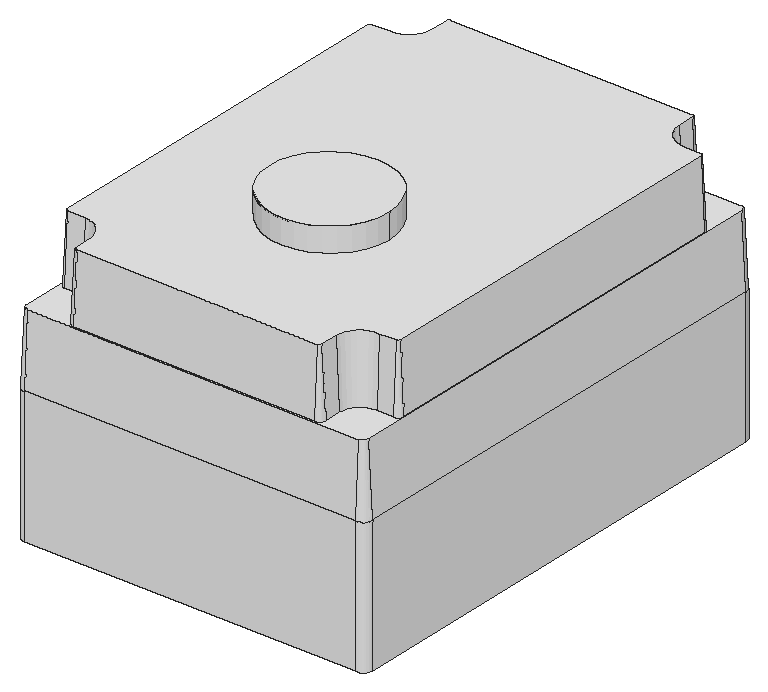
Revit family "Dock-Levelers_OHD_Control-Panel_compact", category Specialty Equipment, host Face, Revit 2023
Family settings
  Host = Face
  Round Connector Dimension = Use Diameter
  Part Type = Normal
  OmniClass Number = 23.50.70.00
  OmniClass Title = Loading Dock Equipment
  Enable Cutting in Views = No
  Cut with Voids When Loaded = No
  Maintain Annotation Orientation = No
  Shared = No
  Room Calculation Point = No
Parameters (values of type "Control Panel")
  Width = 5.122"  # constant formula
  Version = "1.00.01"  # constant formula
  URL = "https://www.overheaddoor.com/"
  Description = "Control Panel for Hydraulic Pit Leveler"
  Length = 7.091"  # constant formula
  Product data url = "https://www.bimobject.com/overhead-door/product/hydraulic-pit-leveler"
  Product Page URL = ""
  Model = "Control Panel"
  Manufacturer = "Overhead Door Corporation"  # constant formula
  Main Material = Metal - White
  Depth = 4.355"  # constant formula
  Default Elevation = 48.000"
  Date Updated = "2026/05/29"  # constant formula
  BimObject_Variable_Connectors = "No"  # constant formula
Reference planes (in)
  plane 1 "Center (Front/Back)": y = 0
  plane 2: z = 0
  plane 3 "Center (Left/Right)": x = 0
  plane 4: x = -2.561
  plane 5: x = 2.561
  plane 6: y = 3.5455
  plane 7: y = -3.5455
  plane 8: z = 4.355
Forms (in)
  Extrusion 1, solid, material "Metal - White" <- "Main Material"
    sketch origin (0, 0, 0) x (1, 0, 0) y (0, 1, 0)
      loop
        line (-2.561, 3.4075) -> (-2.561, -3.4075)
        arc (-2.561, -3.4075) -> (-2.52058, -3.50508) -> (-2.423, -3.5455) r 0.138
        line (-2.423, -3.5455) -> (2.423, -3.5455)
        arc (2.423, -3.5455) -> (2.52058, -3.50508) -> (2.561, -3.4075) r 0.138
        line (2.561, -3.4075) -> (2.561, 3.4075)
        arc (2.561, 3.4075) -> (2.52058, 3.50508) -> (2.423, 3.5455) r 0.138
        line (2.423, 3.5455) -> (-2.423, 3.5455)
        arc (-2.423, 3.5455) -> (-2.52058, 3.50508) -> (-2.561, 3.4075) r 0.138
    from 1.969 to 0
  Blend 2, solid, material "Metal - White" <- "Main Material"
    base sketch origin (0, 0, 0) x (1, 0, 0) y (0, 1, 0)
      loop
        line (-2.561, 3.4075) -> (-2.561, -3.4075)
        arc (-2.561, -3.4075) -> (-2.52058, -3.50508) -> (-2.423, -3.5455) r 0.138
        line (-2.423, -3.5455) -> (2.423, -3.5455)
        arc (2.423, -3.5455) -> (2.52058, -3.50508) -> (2.561, -3.4075) r 0.138
        line (2.561, -3.4075) -> (2.561, 3.4075)
        arc (2.561, 3.4075) -> (2.52058, 3.50508) -> (2.423, 3.5455) r 0.138
        line (2.423, 3.5455) -> (-2.423, 3.5455)
        arc (-2.423, 3.5455) -> (-2.52058, 3.50508) -> (-2.561, 3.4075) r 0.138
    top sketch origin (0, 0, 0) x (1, 0, 0) y (0, 1, 0)
      loop
        arc (-2.506, -3.4075) -> (-2.48169, -3.46619) -> (-2.423, -3.4905) r 0.083
        line (-2.423, -3.4905) -> (2.423, -3.4905)
        arc (2.423, -3.4905) -> (2.48169, -3.46619) -> (2.506, -3.4075) r 0.083
        line (2.506, -3.4075) -> (2.506, 3.4075)
        arc (2.506, 3.4075) -> (2.48169, 3.46619) -> (2.423, 3.4905) r 0.083
        line (2.423, 3.4905) -> (-2.423, 3.4905)
        arc (-2.423, 3.4905) -> (-2.48169, 3.46619) -> (-2.506, 3.4075) r 0.083
        line (-2.506, 3.4075) -> (-2.506, -3.4075)
    from 1.969 to 3.016
  Blend 3, solid, material "Metal - White" <- "Main Material"
    base sketch origin (0, 0, 0) x (1, 0, 0) y (0, 1, 0)
      loop
        line (-2.486, 2.7505) -> (-2.486, -2.7505)
        arc (-2.486, -2.7505) -> (-2.46198, -2.80848) -> (-2.404, -2.8325) r 0.082
        line (-2.404, -2.8325) -> (-2.155, -2.8325)
        arc (-2.155, -2.8325) -> (-1.93792, -2.92242) -> (-1.848, -3.1395) r 0.307
        line (-1.848, -3.1395) -> (-1.848, -3.3885)
        arc (-1.848, -3.3885) -> (-1.82398, -3.44648) -> (-1.766, -3.4705) r 0.082
        line (-1.766, -3.4705) -> (1.766, -3.4705)
        arc (1.766, -3.4705) -> (1.82398, -3.44648) -> (1.848, -3.3885) r 0.082
        line (1.848, -3.3885) -> (1.848, -3.1395)
        arc (1.848, -3.1395) -> (1.93792, -2.92242) -> (2.155, -2.8325) r 0.307
        line (2.155, -2.8325) -> (2.404, -2.8325)
        arc (2.404, -2.8325) -> (2.46198, -2.80848) -> (2.486, -2.7505) r 0.082
        line (2.486, -2.7505) -> (2.486, 2.7505)
        arc (2.486, 2.7505) -> (2.46198, 2.80848) -> (2.404, 2.8325) r 0.082
        line (2.404, 2.8325) -> (2.155, 2.8325)
        arc (2.155, 2.8325) -> (1.93792, 2.92242) -> (1.848, 3.1395) r 0.307
        line (1.848, 3.1395) -> (1.848, 3.3885)
        arc (1.848, 3.3885) -> (1.82398, 3.44648) -> (1.766, 3.4705) r 0.082
        line (1.766, 3.4705) -> (-1.766, 3.4705)
        arc (-1.766, 3.4705) -> (-1.82398, 3.44648) -> (-1.848, 3.3885) r 0.082
        line (-1.848, 3.3885) -> (-1.848, 3.1395)
        arc (-1.848, 3.1395) -> (-1.93792, 2.92242) -> (-2.155, 2.8325) r 0.307
        line (-2.155, 2.8325) -> (-2.404, 2.8325)
        arc (-2.404, 2.8325) -> (-2.46198, 2.80848) -> (-2.486, 2.7505) r 0.082
    top sketch origin (0, 0, 0) x (1, 0, 0) y (0, 1, 0)
      loop
        line (-2.439, 2.7505) -> (-2.439, -2.7505)
        arc (-2.439, -2.7505) -> (-2.42875, -2.77525) -> (-2.404, -2.7855) r 0.035
        line (-2.404, -2.7855) -> (-2.155, -2.7855)
        arc (-2.155, -2.7855) -> (-1.90468, -2.88918) -> (-1.801, -3.1395) r 0.354
        line (-1.801, -3.1395) -> (-1.801, -3.3885)
        arc (-1.801, -3.3885) -> (-1.79075, -3.41325) -> (-1.766, -3.4235) r 0.035
        line (-1.766, -3.4235) -> (1.766, -3.4235)
        arc (1.766, -3.4235) -> (1.79075, -3.41325) -> (1.801, -3.3885) r 0.035
        line (1.801, -3.3885) -> (1.801, -3.1395)
        arc (1.801, -3.1395) -> (1.90468, -2.88918) -> (2.155, -2.7855) r 0.354
        line (2.155, -2.7855) -> (2.404, -2.7855)
        arc (2.404, -2.7855) -> (2.42875, -2.77525) -> (2.439, -2.7505) r 0.035
        line (2.439, -2.7505) -> (2.439, 2.7505)
        arc (2.439, 2.7505) -> (2.42875, 2.77525) -> (2.404, 2.7855) r 0.035
        line (2.404, 2.7855) -> (2.155, 2.7855)
        arc (2.155, 2.7855) -> (1.90468, 2.88918) -> (1.801, 3.1395) r 0.354
        line (1.801, 3.1395) -> (1.801, 3.3885)
        arc (1.801, 3.3885) -> (1.79075, 3.41325) -> (1.766, 3.4235) r 0.035
        line (1.766, 3.4235) -> (-1.766, 3.4235)
        arc (-1.766, 3.4235) -> (-1.79075, 3.41325) -> (-1.801, 3.3885) r 0.035
        line (-1.801, 3.3885) -> (-1.801, 3.1395)
        arc (-1.801, 3.1395) -> (-1.90468, 2.88918) -> (-2.155, 2.7855) r 0.354
        line (-2.155, 2.7855) -> (-2.404, 2.7855)
        arc (-2.404, 2.7855) -> (-2.42875, 2.77525) -> (-2.439, 2.7505) r 0.035
    from 3.016 to 4
  Extrusion 4, solid, material "Metal - White" <- "Main Material"
    sketch origin (0, 0, 0) x (1, 0, 0) y (0, 1, 0)
      loop
        circle (0, -1.0005) r 0.875
    from 4.355 to 4
Lines and regions (in)
  Masking region 1
    outline origin (0, 0, 0) x (1, 0, 0) y (0, 0, 1)
      loop
        line (-2.561, 0) -> (2.561, 0) -> (2.561, 1.969) -> (2.506, 3.016) -> (2.439, 4) -> (0.875, 4) -> (0.875, 4.355) -> (-0.875, 4.355) -> (-0.875, 4) -> (-2.439, 4) -> (-2.506, 3.016) -> (-2.561, 1.969) -> (-2.561, 0)
  model lines
    curve 1: circle (-0.925, 3.5455, 0.9845) r 0.64 normal (0, -1, 0)
    curve 2: circle (-0.925, 3.5455, 0.9845) r 0.404 normal (0, -1, 0)
    curve 3: circle (0.925, 3.5455, 0.9845) r 0.64 normal (0, 1, 0)
    curve 4: circle (0.925, 3.5455, 0.9845) r 0.404 normal (0, 1, 0)
    curve 5: circle (-0.925, -3.5455, 0.9845) r 0.64 normal (0, -1, 0)
    curve 6: circle (-0.925, -3.5455, 0.9845) r 0.404 normal (0, -1, 0)
    curve 7: circle (0.925, -3.5455, 0.9845) r 0.64 normal (0, 1, 0)
    curve 8: circle (0.925, -3.5455, 0.9845) r 0.404 normal (0, 1, 0)
    curve 18: circle (2.561, 0, 0.9845) r 0.502 normal (1, 0, 0)
    curve 19: circle (2.561, 0, 0.9845) r 0.325 normal (1, 0, 0)
    curve 20: circle (2.561, 1.614, 0.9845) r 0.502 normal (1, 0, 0)
    curve 21: circle (2.561, 1.614, 0.9845) r 0.325 normal (1, 0, 0)
    curve 22: circle (2.561, -1.614, 0.9845) r 0.502 normal (1, 0, 0)
    curve 23: circle (2.561, -1.614, 0.9845) r 0.325 normal (1, 0, 0)
    curve 24: circle (-2.561, 0, 0.9845) r 0.502 normal (1, 0, 0)
    curve 25: circle (-2.561, 0, 0.9845) r 0.325 normal (1, 0, 0)
    curve 26: circle (-2.561, 1.614, 0.9845) r 0.502 normal (1, 0, 0)
    curve 27: circle (-2.561, 1.614, 0.9845) r 0.325 normal (1, 0, 0)
    curve 28: circle (-2.561, -1.614, 0.9845) r 0.502 normal (1, 0, 0)
    curve 29: circle (-2.561, -1.614, 0.9845) r 0.325 normal (1, 0, 0)
  symbolic lines
    curve 9: line (-2.506, 0, 3.016) -> (2.506, 0, 3.016)
    curve 10: line (-1.801, 0, 4) -> (-1.848, 0, 3.016)
    curve 11: line (1.801, 0, 4) -> (1.848, 0, 3.016)
    curve 12: line (2.439, 0, 4) -> (-2.439, 0, 4)
    curve 13: line (-2.561, 0, 1.969) -> (2.561, 0, 1.969)
    curve 14: circle (-0.925, 0, 0.9845) r 0.64 normal (0, -1, 0)
    curve 15: circle (-0.925, 0, 0.9845) r 0.404 normal (0, -1, 0)
    curve 16: circle (0.925, 0, 0.9845) r 0.64 normal (0, 1, 0)
    curve 17: circle (0.925, 0, 0.9845) r 0.404 normal (0, 1, 0)
Dimensions and locks (in)
  equal spacing: plane 4, plane 3 "Center (Left/Right)", plane 5
  "Width": plane 4 to plane 5
  equal spacing: plane 6, plane 1 "Center (Front/Back)", plane 7
  "Length": plane 6 to plane 7
  "Depth": plane 8 to level
  locked: Extrusion 4 sketch curve to plane 7 at 2.545
  aligned and locked: plane 2 to host face
  aligned and locked: level to host face
  aligned and locked: Extrusion 1 sketch curve to plane 4
  aligned and locked: Extrusion 1 sketch curve to plane 6
  aligned and locked: Extrusion 1 sketch curve to plane 7
  aligned and locked: Extrusion 1 sketch curve to plane 5
  aligned and locked: Blend 2 sketch curve to plane 4
  aligned and locked: Blend 2 sketch curve to plane 6
  aligned and locked: Blend 2 sketch curve to plane 5
  aligned and locked: Blend 2 sketch curve to plane 7
  aligned and locked: plane 3 "Center (Left/Right)" to Extrusion 4 sketch curve
  aligned and locked: plane 8 to Extrusion 4
Automatic sketch dimensions
  host sketch curve to host sketch curve = 120.000"
  host sketch curve to host sketch curve = 116.000"
  plane 4 to Extrusion 1 sketch curve = 0.138"  (x2)
  Extrusion 1 sketch curve to plane 5 = 0.138"
  Extrusion 1 sketch curve to Extrusion 1 sketch curve = 0.138"
  Blend 2 sketch curve to Blend 2 sketch curve = 0.138"  (x3)
  Blend 2 sketch curve to plane 5 = 0.138"  (x2)
  plane 4 to Blend 2 sketch curve = 0.055"
  Blend 2 sketch curve to Blend 2 sketch curve = 0.083"  (x4)
  Blend 2 sketch curve to plane 6 = 0.138"
  plane 7 to Blend 2 sketch curve = 0.138"
  plane 4 to Blend 3 sketch curve = 0.075"
  Blend 3 sketch curve to Blend 3 sketch curve = 0.082"  (x4)
  Blend 3 sketch curve to Blend 3 sketch curve = 0.249"  (x7)
  Blend 3 sketch curve to plane 6 = 0.157"  (x2)
  Blend 3 sketch curve to Blend 3 sketch curve = 0.307"  (x3)
  plane 7 to Blend 3 sketch curve = 0.157"  (x2)
  Blend 3 sketch curve to plane 6 = 0.075"
  plane 7 to Blend 3 sketch curve = 0.075"
  Blend 3 sketch curve to plane 5 = 0.795"  (x4)
  Blend 3 sketch curve to plane 5 = 0.406"  (x2)
  Blend 3 sketch curve to plane 5 = 0.157"  (x4)
  Blend 3 sketch curve to plane 5 = 0.075"
  Blend 3 sketch curve to plane 6 = 0.795"  (x3)
  plane 4 to Blend 3 sketch curve = 0.122"
  Blend 3 sketch curve to Blend 3 sketch curve = 0.035"  (x7)
  plane 4 to Blend 3 sketch curve = 0.406"  (x2)
  Blend 3 sketch curve to Blend 3 sketch curve = 0.354"  (x3)
  curve 1 to curve 2 = 0.000"  (x2)
  curve 3 to curve 4 = 0.000"  (x2)
  curve 2 to Extrusion 1 = 1.498"
  Extrusion 1 to curve 4 = 1.498"
  Extrusion 1 to curve 2 = 0.9845"
  Extrusion 1 to curve 3 = 0.9845"
  curve 5 to curve 6 = 0.000"  (x2)
  curve 7 to curve 8 = 0.000"  (x2)
  Extrusion 1 to curve 6 = 1.498"
  curve 8 to Extrusion 1 = 1.498"
  Extrusion 1 to curve 6 = 0.9845"
  Extrusion 1 to curve 7 = 0.9845"
  curve 14 to curve 15 = 0.000"  (x2)
  curve 16 to curve 17 = 0.000"  (x2)
  curve 13 to plane 4 = 0.000"
  curve 13 to plane 5 = 0.000"
  curve 14 to plane 3 "Center (Left/Right)" = 0.925"
  plane 3 "Center (Left/Right)" to curve 16 = 0.925"
  level to curve 15 = 0.9845"
  level to curve 16 = 0.9845"
  plane 4 to curve 9 = 0.055"
  plane 4 to curve 12 = 0.122"
  curve 9 to curve 10 = 0.658"
  curve 10 to plane 8 = 0.355"
  curve 12 to curve 10 = 0.638"
  curve 11 to plane 5 = 0.760"
  curve 11 to plane 5 = 0.713"
  curve 12 to plane 5 = 0.122"
  curve 9 to plane 5 = 0.055"
  curve 14 to curve 13 = 0.9845"
  curve 9 to curve 12 = 0.984"
  Masking region 1 sketch curve to level = 0.000"
  Masking region 1 sketch curve to plane 4 = 0.000"
  Masking region 1 sketch curve to plane 8 = 0.000"
  Masking region 1 sketch curve to plane 5 = 0.000"
  plane 4 to Masking region 1 sketch curve = 0.055"
  plane 4 to Masking region 1 sketch curve = 0.122"
  Masking region 1 sketch curve to plane 8 = 0.355"  (x2)
  Masking region 1 sketch curve to plane 3 "Center (Left/Right)" = 0.875"
  plane 3 "Center (Left/Right)" to Masking region 1 sketch curve = 0.875"
  Masking region 1 sketch curve to plane 5 = 0.122"
  Masking region 1 sketch curve to plane 5 = 0.055"
  level to Masking region 1 sketch curve = 1.969"
  Masking region 1 sketch curve to Masking region 1 sketch curve = 1.969"
  Masking region 1 sketch curve to Masking region 1 sketch curve = 0.984"  (x2)
  curve 18 to curve 19 = 0.000"  (x3)
  curve 20 to curve 21 = 0.000"  (x3)
  curve 22 to curve 23 = 0.000"  (x3)
  curve 20 to curve 19 = 1.614"
  curve 18 to curve 22 = 1.614"
  Extrusion 1 to curve 18 = 0.9845"
  Extrusion 1 to curve 23 = 0.9845"
  Extrusion 1 to curve 21 = 0.9845"
  curve 20 to Extrusion 1 = 1.7935"
  curve 24 to curve 25 = 0.000"  (x2)
  curve 26 to curve 27 = 0.000"  (x2)
  curve 28 to curve 29 = 0.000"  (x2)
  Extrusion 1 to curve 26 = 0.9845"
  Extrusion 1 to curve 26 = 1.7935"
  Extrusion 1 to curve 25 = 0.9845"
  curve 26 to curve 25 = 1.614"
  Extrusion 1 to curve 29 = 0.9845"
  curve 24 to curve 29 = 1.614"
  radius of Extrusion 4 sketch curve = 0.875"
  radius of curve 1 = 0.640"
  radius of curve 2 = 0.404"
  radius of curve 3 = 0.640"
  radius of curve 4 = 0.404"
  radius of curve 5 = 0.640"
  radius of curve 6 = 0.404"
  radius of curve 7 = 0.640"
  radius of curve 8 = 0.404"
  radius of curve 14 = 0.640"
  radius of curve 15 = 0.404"
  radius of curve 16 = 0.640"
  radius of curve 17 = 0.404"
  radius of curve 18 = 0.502"
  radius of curve 19 = 0.325"
  radius of curve 20 = 0.502"
  radius of curve 21 = 0.325"
  radius of curve 22 = 0.502"
  radius of curve 23 = 0.325"
  radius of curve 24 = 0.502"
  radius of curve 25 = 0.325"
  radius of curve 26 = 0.502"
  radius of curve 27 = 0.325"
  radius of curve 28 = 0.502"
  radius of curve 29 = 0.325"
